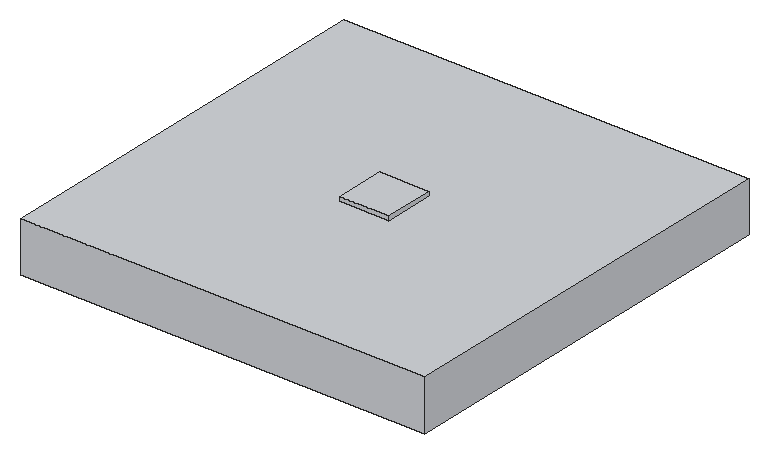
Revit family "M_Conector de duto retangular - Ar de exaustão - Terminal de ar", category Terminais de ar, Revit 2019
Family settings
  Hospedeiro = Face
  Cota do conector redondo = Utilizar diâmetro
  Tipo de parte = Normal
  Número OmniClass = 23.75.70.21.27
  Título OmniClass = Air Outlets and Inlets
  ID de item do Seek = Rectangular Duct Connector - Exhaust Air - Air Terminal-0000-CAN-ENU
  Corte com vazios quando carregada = Não
  Compartilhado = Não
  Ponto de cálculo do ambiente = Não
Parameters (values of type "Padrão")
  Largura = 300 mm
  SetaAcimaVisível [instance] = yes
  Espessura = 25 mm
  SetaDireitaVisível [instance] = yes
  SetaEsquerdaVisível [instance] = yes
  Altura = 300 mm
  Fluxo [instance] = 47.19 L/s
  Default Elevation = 0 mm
  SetaInferiorVisível [instance] = yes
  Assembly Code = ""
  Deslocamento da seta = 355.6 mm
Reference planes
  plane 1 "Centro (Frente/Trás)": y = 0
  plane 2: z = 0
  plane 3 "Centro (Esquerda/Direita)": x = 0
Forms (mm)
  Extrusion 1, solid
    sketch origin (0, 0, 0) x (1, 0, 0) y (0, 1, 0)
      loop
        line (-1219.2, 1219.2) -> (-1219.2, -1219.2) -> (1219.2, -1219.2) -> (1219.2, 1219.2) -> (-1219.2, 1219.2)
    from 0 to -304.8
  Sweep 2, solid
    path in 3D
      loop
        line (0, 0, 0) -> (0, 0, 25)
    profile "M_Duto - Retangular : Duto - Retangular" origin (0, 0, 12.5) x (0, -1, 0) y (1, 0, 0)
      loop
        line (-150, 150) -> (-150, -150) -> (150, -150) -> (150, 150) -> (-150, 150)
Lines and regions (mm)
  reference lines
    curve 1: line (0, 0, 0) -> (0, 0, 25)
  sketch lines
    curve 2: line (0, 0, 0) -> (0, 0, 25)
Dimensions and locks
  "Espessura": curve 1 to curve 1
  "Deslocamento da seta": nested 1 to plane 3 "Centro (Esquerda/Direita)"
  "Deslocamento da seta": plane 1 "Centro (Frente/Trás)" to nested 2
  "Deslocamento da seta": plane 3 "Centro (Esquerda/Direita)" to nested 3
  "Deslocamento da seta": plane 1 "Centro (Frente/Trás)" to nested 4
  aligned and locked: plane 2 to Extrusion 1
  aligned and locked: level to Extrusion 1
  aligned and locked: Extrusion 1 to curve 1
  aligned and locked: curve 1 to plane 1 "Centro (Frente/Trás)"
  aligned and locked: plane 1 "Centro (Frente/Trás)" to nested 1
  aligned and locked: nested 3 to plane 1 "Centro (Frente/Trás)"
  aligned and locked: plane 3 "Centro (Esquerda/Direita)" to nested 2
  aligned and locked: nested 4 to plane 3 "Centro (Esquerda/Direita)"
Automatic sketch dimensions
  Extrusion 1 sketch curve to Extrusion 1 sketch curve = 2438.4 mm  (x2)
Nested families
  nested 1: "M_Seta terminal do duto_Reverso" at (-355.6, 0, 0), visible <- "SetaEsquerdaVisível", type "Seta do terminal do duto_Reverso"
  nested 2: "M_Seta terminal do duto_Reverso" at (0, -355.6, 0) x (0, 1, 0) z (0, 0, 1), visible <- "SetaInferiorVisível", type "Seta do terminal do duto_Reverso"
  nested 3: "M_Seta terminal do duto_Reverso" at (355.6, 0, 0) x (-1, 0, 0) z (0, 0, 1), visible <- "SetaDireitaVisível", type "Seta do terminal do duto_Reverso"
  nested 4: "M_Seta terminal do duto_Reverso" at (0, 355.6, 0) x (0, -1, 0) z (0, 0, 1), visible <- "SetaAcimaVisível", type "Seta do terminal do duto_Reverso"
Connectors
  hvac at (0, 0, 25), driven by "Altura", driven by "Largura", driven by "Fluxo"
    settings: on Sweep 2, index 1, duct flow 47.19 L/s, flow factor 0, pres drop 0.0 Pa, loss coef 0, conn angle 0.00°, conn width 300 mm, conn height 300 mm, conn diameter 609.6 mm, duct sys type 3, conn prof type 1, flow config 1, flow direction 2, loss method 0, conn ref index -1, conn util no, is conn primary yes, conn desc ""
Definition of nested family "M_Seta terminal do duto_Reverso"
  Reference planes
    plane 1: y = 0
    plane 2: x = 0
  Lines and regions (mm)
    Filled region 1, type "Preto sólido"
      outline origin (-25.4, 0, 0) x (1, 0, 0) y (0, 1, 0)
        loop
          line (25.4, 0) -> (22.225, 1.156) -> (22.225, -1.156) -> (25.4, 0)
    detail lines
      curve 1: line (-6.35, 0, 0) -> (0, 0, 0)
